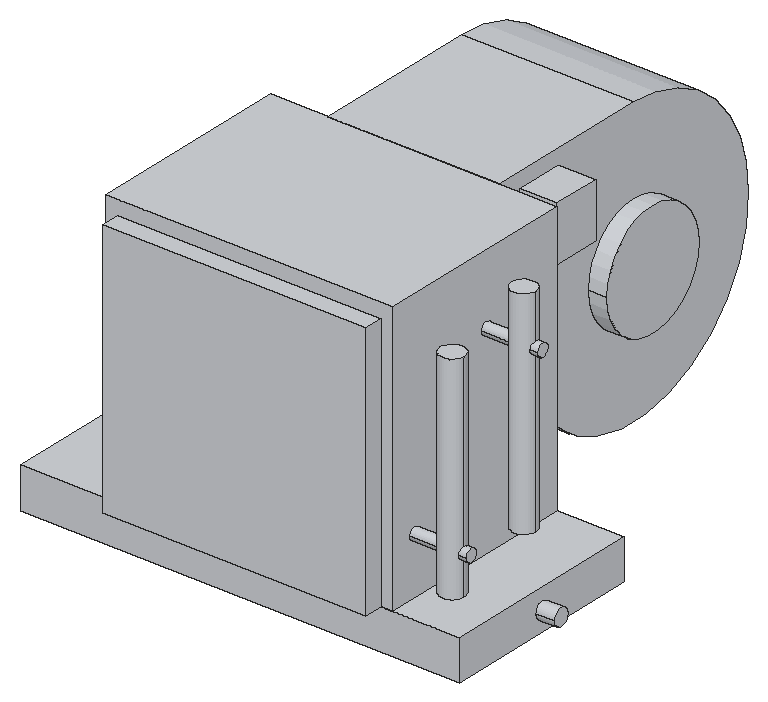
Revit family "M_Unidade de serpentina do ventilador - Duto horizontal - DX", category Equipamento mecânico, Revit 2019
Family settings
  Cota do conector redondo = Utilizar diâmetro
  Tipo de parte = Normal
  Número OmniClass = 23.75.70.17.27
  Título OmniClass = Fan Coil Units
  ID de item do Seek = Fan Coil Unit - Horizontal Ducted - CHW-0000-CAN-ENU
  Com base no plano de trabalho = Não
  Sempre na vertical = Sim
  Corte com vazios quando carregada = Não
  Compartilhado = Não
  Ponto de cálculo do ambiente = Não
Parameters (values of type "282 LPS")
  Queda de pressão da água [instance] = 9652.66 Pa
  Voltagem = 120 V
  Comprimento da unidade = 584.2 mm
  Capacidade de resfriamento total = 5773.5 W
  Largura do ar de fornecimento = 350 mm
  Capacidade de resfriamento perceptível = 4220.22 W
  Número de pólos = 1
  Fluxo de ar nominal [instance] = 283.17 L/s
  Classificação de carga = Refrigeração
  Comprimento 2 = 31.8 mm
  Comprimento 1 = 165.1 mm
  Ventilador 2 = no
  Ventilador 1 = yes
  Pressão estática externa [instance] = 74.65 Pa
  Fluxo da drenagem [instance] = 0.0 L/s
  Comprimento da serpentina = 381 mm
  Fluxo da água resfriada [instance] = 0.25 L/s
  Material CFU = none
  C2 Deslocamento 1 = 92.1 mm
  Assembly Code = ""
  Carga aparente = 280 VA
Types (8, lengths in mm): name | Queda de pressão da água | Comprimento da unidade | Capacidade de resfriamento total | Largura do ar de fornecimento | Capacidade de resfriamento perceptível | Fluxo de ar nominal | Comprimento 2 | Comprimento 1 | Ventilador 2 | Ventilador 1 | Comprimento da serpentina | Fluxo da água resfriada | C2 Deslocamento 1 | Carga aparente
  282 LPS | 9652.66 Pa | 584.2 | 5773.5 W | 350 | 4220.22 W | 283.17 L/s | 31.8 | 165.1 | no | yes | 381 | 0.25 L/s | 92.1 | 280 VA
  376 LPS | 21373.7 Pa | 711.2 | 8616.29 W | 475 | 6037.26 W | 377.56 L/s | 31.8 | 165.1 | no | yes | 508 | 0.38 L/s | 92.1 | 330 VA
  470 LPS | 44815.9 Pa | 812.8 | 11283.2 W | 600 | 7737.08 W | 471.95 L/s | 31.8 | 165.1 | no | yes | 609.6 | 0.5 L/s | 92.1 | 470 VA
  564 LPS | 89631.8 Pa | 939.8 | 13950.2 W | 700 | 9466.2 W | 566.34 L/s | 0 | 50.8 | yes | no | 736.6 | 0.63 L/s | 92.1 | 550 VA
  658 LPS | 144789.9 Pa | 1066.8 | 15474.1 W | 850 | 10697.1 W | 660.73 L/s | 0 | 50.8 | yes | no | 863.6 | 0.69 L/s | 77.8 | 650 VA
  752 LPS | 172368.9 Pa | 1193.8 | 18961.7 W | 950 | 12777.9 W | 755.12 L/s | 0 | 50.8 | yes | no | 990.6 | 0.95 L/s | 77.8 | 900 VA
  846 LPS | 172368.9 Pa | 1320.8 | 22185.5 W | 1100 | 14770.8 W | 849.51 L/s | 0 | 50.8 | yes | no | 1117.6 | 1.2 L/s | 77.8 | 1180 VA
  940 LPS | 172368.9 Pa | 1422.4 | 24149.1 W | 1200 | 16177.5 W | 943.89 L/s | 0 | 50.8 | yes | no | 1219.2 | 1.2 L/s | 77.8 | 1180 VA
Reference planes
  plane 1 "Centro (Frente/Trás)": y = 0
  plane 2: z = 0
  plane 3 "Centro (Esquerda/Direita)": x = 0
  plane 4: y = 685.8
  plane 5: x = 584.2
  plane 6: x = 114.3
  plane 7: x = 495.3
  plane 8: x = 304.8
  plane 9: x = 129.8
  plane 10: x = 479.8
  plane 11: y = -25.4
  plane 12: y = 34.925
  plane 13: y = 238.125
  plane 14: y = 273.05
  plane 15: z = 415.925
  plane 16: z = 396.875
  plane 17: x = 546.1
  plane 18: y = 153.987
  plane 19: y = 71.437
  plane 20: z = 150.812
  plane 21: z = 390.525
  plane 22: z = 365.125
  plane 23: z = 79.375
  plane 24: z = 104.775
  plane 25: x = 571.5
  plane 26: z = 323.825
  plane 27: z = 131.762
  plane 28: y = 304.8
  plane 29: y = 495.3
  plane 30: z = 60.325
  plane 31: z = 34.925
  plane 32: z = 225.425
  plane 33: x = 190.5
  plane 34: x = 419.1
  plane 35: x = 304.8
  plane 36: x = 400.05
  plane 37: x = 209.55
  plane 38: x = 95.25
  plane 39: x = 323.85
  plane 40: x = 285.75
  plane 41: x = 514.35
  plane 42: x = 349.25
  plane 43: x = 444.5
  plane 44: x = 539.75
  plane 45: y = 136.525
  plane 46: x = 609.6
  plane 47: z = 26.987
  plane 48: z = 53.975
  plane 49: x = 533.4
  plane 50: x = 469.9
  plane 51: y = 368.3
  plane 52: y = 304.85
Forms (mm)
  Extrusion 1, solid, material <- "Material CFU"
    sketch origin (0, 0, 0) x (1, 0, 0) y (0, 1, 0)
      loop
        line (0, 273.05) -> (0, 0) -> (584.2, 0) -> (584.2, 273.05) -> (0, 273.05)
    from 0 to 53.975
  Extrusion 2, solid, material <- "Material CFU"
    sketch origin (0, 0, 0) x (1, 0, 0) y (0, 1, 0)
      loop
        line (114.3, 273.05) -> (114.3, 0) -> (495.3, 0) -> (495.3, 273.05) -> (114.3, 273.05)
    from 53.975 to 415.925
  Extrusion 3, solid, material <- "Material CFU"
    sketch origin (0, 0, 0) x (1, 0, 0) y (0, 1, 0)
      loop
        line (129.8, 0) -> (129.8, -25.4) -> (479.8, -25.4) -> (479.8, 0) -> (129.8, 0)
    from 53.975 to 396.875
  Extrusion 4, solid, material <- "Material CFU"
    sketch origin (0, 0, 0) x (1, 0, 0) y (0, 1, 0)
      loop
        circle (546.1, 153.987) r 15.875
    from 104.775 to 390.525
  Extrusion 5, solid, material <- "Material CFU"
    sketch origin (0, 0, 0) x (1, 0, 0) y (0, 1, 0)
      loop
        circle (546.1, 34.925) r 15.875
    from 79.375 to 365.125
  Extrusion 6, solid, material <- "Material CFU"
    sketch origin (0, 0, 0) x (0, 1, 0) y (0, 0, 1)
      loop
        circle (153.987, 323.825) r 7.938
    from 495.3 to 571.5
  Extrusion 7, solid, material <- "Material CFU"
    sketch origin (0, 0, 0) x (0, 1, 0) y (0, 0, 1)
      loop
        circle (34.925, 131.763) r 7.938
    from 495.3 to 571.5
  Extrusion 8, solid, material <- "Material CFU", visible <- "Ventilador 2"
    sketch origin (0, 0, 0) x (0, 1, 0) y (0, 0, 1)
      loop
        circle (495.3, 225.425) r 190.5
    from 285.75 to 514.35
  Extrusion 9, solid, material <- "Material CFU", visible <- "Ventilador 2"
    sketch origin (0, 0, 0) x (1, 0, 0) y (0, 1, 0)
      loop
        line (285.75, 495.3) -> (285.75, 273.05) -> (514.35, 273.05) -> (514.35, 495.3) -> (285.75, 495.3)
    from 225.425 to 415.925
  Extrusion 10, solid, material <- "Material CFU", visible <- "Ventilador 2"
    sketch origin (0, 0, 0) x (0, 1, 0) y (0, 0, 1)
      loop
        circle (495.3, 225.425) r 190.5
    from 95.25 to 323.85
  Extrusion 11, solid, material <- "Material CFU", visible <- "Ventilador 2"
    sketch origin (0, 0, 0) x (0, 1, 0) y (0, 0, 1)
      loop
        line (273.05, 415.925) -> (273.05, 225.425) -> (495.3, 225.425) -> (495.3, 415.925) -> (273.05, 415.925)
    from 95.25 to 323.85
  Extrusion 12, solid, material <- "Material CFU", visible <- "Ventilador 1"
    sketch origin (0, 0, 0) x (0, 1, 0) y (0, 0, 1)
      loop
        circle (495.3, 225.425) r 190.5
    from 190.5 to 419.1
  Extrusion 13, solid, material <- "Material CFU", visible <- "Ventilador 1"
    sketch origin (0, 0, 0) x (0, 1, 0) y (0, 0, 1)
      loop
        line (273.05, 415.925) -> (273.05, 225.425) -> (495.3, 225.425) -> (495.3, 415.925) -> (273.05, 415.925)
    from 190.5 to 419.1
  Extrusion 14, solid, material <- "Material CFU", visible <- "Ventilador 1"
    sketch origin (0, 0, 0) x (0, 1, 0) y (0, 0, 1)
      loop
        circle (495.3, 225.425) r 76.2
    from 419.1 to 444.5
  Extrusion 15, solid, material <- "Material CFU", visible <- "Ventilador 2"
    sketch origin (0, 0, 0) x (0, 1, 0) y (0, 0, 1)
      loop
        circle (495.3, 225.425) r 76.2
    from 323.85 to 349.25
  Extrusion 16, solid, material <- "Material CFU", visible <- "Ventilador 2"
    sketch origin (0, 0, 0) x (0, 1, 0) y (0, 0, 1)
      loop
        circle (495.3, 225.425) r 76.2
    from 514.35 to 539.75
  Extrusion 17, solid, material <- "Material CFU"
    sketch origin (0, 0, 0) x (0, 1, 0) y (0, 0, 1)
      loop
        circle (136.525, 26.987) r 11.113
    from 584.2 to 609.6
  Extrusion 18, solid, material <- "Material CFU"
    sketch origin (0, 0, 0) x (1, 0, 0) y (0, 1, 0)
      loop
        line (304.8, 368.3) -> (304.8, 304.85) -> (469.9, 304.85) -> (469.9, 368.3) -> (304.8, 368.3)
    from 323.825 to 396.875
Cuts and joins
  joined: Extrusion 8, Extrusion 9, Extrusion 16
  joined: Extrusion 10, Extrusion 11, Extrusion 15
  joined: Extrusion 12, Extrusion 13, Extrusion 14
  joined: Extrusion 1, Extrusion 4, Extrusion 5, Extrusion 6, Extrusion 7, Extrusion 17
Dimensions and locks
  "Comprimento da unidade": plane 3 "Centro (Esquerda/Direita)" to plane 5
  locked: plane 4 to plane 1 "Centro (Frente/Trás)" at 685.8
  locked: plane 3 "Centro (Esquerda/Direita)" to plane 6 at 114.3
  "Comprimento da serpentina": plane 6 to plane 7
  equal spacing: plane 6, plane 8, plane 7
  equal spacing: plane 9, plane 8, plane 10
  "Largura do ar de fornecimento": plane 9 to plane 10
  locked: plane 1 "Centro (Frente/Trás)" to plane 11 at 25.4
  locked: plane 12 to plane 1 "Centro (Frente/Trás)" at 34.925
  locked: plane 13 to plane 12 at 203.2
  locked: plane 14 to plane 13 at 34.925
  locked: plane 15 to plane 2 at 415.925
  Extrusion 1 sketch curve to Extrusion 1 sketch curve = 273.05 mm
  locked: plane 7 to plane 17 at 50.8
  locked: plane 18 to plane 1 "Centro (Frente/Trás)" at 153.987
  locked: plane 19 to plane 1 "Centro (Frente/Trás)" at 71.437
  locked: plane 15 to plane 20 at 265.112
  locked: plane 15 to plane 21 at 25.4
  locked: plane 21 to plane 22 at 25.4
  locked: plane 24 to plane 23 at 25.4
  locked: plane 17 to plane 25 at 25.4
  "C2 Deslocamento 1": plane 15 to plane 26
  locked: plane 16 to plane 27 at 265.113
  locked: plane 28 to plane 14 at 31.75
  equal spacing: plane 4, plane 29, plane 28
  equal spacing: plane 15, plane 32, plane 31
  equal spacing: plane 33, plane 8, plane 34
  locked: plane 33 to plane 8 at 114.3
  equal spacing: plane 6, plane 37, plane 35, plane 36, plane 7
  equal spacing: plane 38, plane 37, plane 39
  equal spacing: plane 40, plane 36, plane 41
  locked: plane 38 to plane 37 at 114.3
  locked: plane 40 to plane 36 at 114.3
  locked: plane 39 to plane 42 at 25.4
  locked: plane 34 to plane 43 at 25.4
  locked: plane 41 to plane 44 at 25.4
  equal spacing: plane 13, plane 45, plane 12
  locked: plane 5 to plane 46 at 25.4
  equal spacing: plane 2, plane 47, plane 48
  "Comprimento 1": plane 8 to plane 50
  locked: plane 51 to plane 28 at 63.5
  "Comprimento 2": plane 52 to plane 14
  radius of Extrusion 4 sketch curve = 15.875 mm
  radius of Extrusion 5 sketch curve = 15.875 mm
  radius of Extrusion 8 sketch curve = 190.5 mm
  radius of Extrusion 10 sketch curve = 190.5 mm
  radius of Extrusion 12 sketch curve = 190.5 mm
  radius of Extrusion 14 sketch curve = 76.2 mm
  radius of Extrusion 15 sketch curve = 76.2 mm
  aligned and locked: Extrusion 1 to plane 2
  aligned and locked: Extrusion 2 sketch curve to plane 7
  aligned and locked: plane 6 to Extrusion 2 sketch curve
  aligned and locked: Extrusion 2 sketch curve to plane 14
  aligned and locked: plane 15 to Extrusion 2
  aligned and locked: Extrusion 1 sketch curve to plane 1 "Centro (Frente/Trás)"
  aligned and locked: Extrusion 1 sketch curve to plane 5
  aligned and locked: plane 3 "Centro (Esquerda/Direita)" to Extrusion 1 sketch curve
  aligned and locked: Extrusion 2 sketch curve to plane 1 "Centro (Frente/Trás)"
  aligned and locked: plane 9 to Extrusion 3 sketch curve
  aligned and locked: plane 10 to Extrusion 3 sketch curve
  aligned and locked: plane 1 "Centro (Frente/Trás)" to Extrusion 3 sketch curve
  aligned and locked: plane 16 to Extrusion 3
  aligned and locked: plane 18 to Extrusion 4 sketch curve
  aligned and locked: plane 17 to Extrusion 4 sketch curve
  aligned and locked: plane 17 to Extrusion 5 sketch curve
  aligned and locked: Extrusion 4 to plane 21
  aligned and locked: Extrusion 5 to plane 22
  aligned and locked: plane 24 to Extrusion 4
  aligned and locked: plane 23 to Extrusion 5
  aligned and locked: plane 26 to Extrusion 6 sketch curve
  aligned and locked: plane 18 to Extrusion 6 sketch curve
  aligned and locked: plane 27 to Extrusion 7 sketch curve
  aligned and locked: plane 12 to Extrusion 7 sketch curve
  aligned and locked: plane 25 to Extrusion 6
  aligned and locked: Extrusion 6 to plane 7
  aligned and locked: plane 25 to Extrusion 7
  aligned and locked: Extrusion 7 to plane 7
  aligned and locked: plane 32 to Extrusion 8 sketch curve
  aligned and locked: plane 29 to Extrusion 8 sketch curve
  aligned and locked: Extrusion 8 to plane 41
  aligned and locked: Extrusion 8 to plane 40
  aligned and locked: plane 40 to Extrusion 9 sketch curve
  aligned and locked: plane 41 to Extrusion 9 sketch curve
  aligned and locked: Extrusion 9 sketch curve to plane 29
  aligned and locked: plane 14 to Extrusion 9 sketch curve
  aligned and locked: plane 15 to Extrusion 9
  aligned and locked: Extrusion 9 to plane 32
  aligned and locked: plane 32 to Extrusion 10 sketch curve
  aligned and locked: Extrusion 10 to plane 39
  aligned and locked: Extrusion 10 to plane 38
  aligned and locked: Extrusion 11 sketch curve to plane 15
  aligned and locked: plane 14 to Extrusion 11 sketch curve
  aligned and locked: plane 32 to Extrusion 11 sketch curve
  aligned and locked: Extrusion 11 sketch curve to plane 29
  aligned and locked: Extrusion 11 to plane 39
  aligned and locked: Extrusion 11 to plane 38
  aligned and locked: plane 32 to Extrusion 12 sketch curve
  aligned and locked: plane 29 to Extrusion 12 sketch curve
  aligned and locked: Extrusion 12 to plane 34
  aligned and locked: Extrusion 12 to plane 33
  aligned and locked: Extrusion 13 sketch curve to plane 15
  aligned and locked: Extrusion 13 sketch curve to plane 29
  aligned and locked: plane 32 to Extrusion 13 sketch curve
  aligned and locked: plane 14 to Extrusion 13 sketch curve
  aligned and locked: Extrusion 13 to plane 33
  aligned and locked: Extrusion 13 to plane 34
  aligned and locked: plane 32 to Extrusion 14 sketch curve
  aligned and locked: plane 29 to Extrusion 14 sketch curve
  aligned and locked: plane 43 to Extrusion 14
  aligned and locked: plane 34 to Extrusion 14
  aligned and locked: plane 32 to Extrusion 15 sketch curve
  aligned and locked: plane 29 to Extrusion 15 sketch curve
  aligned and locked: plane 42 to Extrusion 15
  aligned and locked: plane 39 to Extrusion 15
  aligned and locked: plane 29 to Extrusion 16 sketch curve
  aligned and locked: plane 32 to Extrusion 16 sketch curve
  aligned and locked: plane 44 to Extrusion 16
  aligned and locked: plane 41 to Extrusion 16
  aligned and locked: plane 45 to Extrusion 17 sketch curve
  aligned and locked: plane 47 to Extrusion 17 sketch curve
  aligned and locked: plane 46 to Extrusion 17
  aligned and locked: Extrusion 17 to plane 5
  aligned and locked: plane 8 to Extrusion 18 sketch curve
  aligned and locked: Extrusion 18 sketch curve to plane 50
  aligned and locked: Extrusion 18 sketch curve to plane 51
  aligned and locked: Extrusion 18 to plane 52
  aligned and locked: Extrusion 18 to plane 26
  aligned and locked: plane 16 to Extrusion 18
Automatic sketch dimensions
  plane 11 to Extrusion 3 sketch curve = 0 mm
  Extrusion 5 sketch curve to plane 12 = 0 mm
  Extrusion 10 sketch curve to plane 29 = 0 mm
  plane 28 to Extrusion 18 sketch curve = 0.05 mm
  radius of Extrusion 6 sketch curve = 7.938 mm
  radius of Extrusion 7 sketch curve = 7.938 mm
  radius of Extrusion 16 sketch curve = 76.2 mm
  radius of Extrusion 17 sketch curve = 11.113 mm
Connectors
  piping at (571.5, 34.925, 131.762), diameter 15.875, driven by "Fluxo da água resfriada"
    settings: on cut or joined group of Extrusion 1, Extrusion 4, Extrusion 5, Extrusion 6, Extrusion 7, Extrusion 17, index 1, connector inside diameter 15.875 mm, connector length 0 mm, flow factor 0, pipe flow 0.25 L/s, pressure drop 0.0 Pa, fitting loss kfactor 0, connector angle 0.00°, fixture units 0, engagement length 0 mm, angle of deflection 0.00°, flow configuration 1, flow direction 1, fitting loss method 4, system type 7, joint type 0, gender type 0, connector reference index 2, connector utility 0, adjustable connector no, is connector primary yes, connector description "Água resfriada,Entrada"
  piping at (571.5, 153.987, 323.825), diameter 15.875, driven by "Fluxo da água resfriada", driven by "Queda de pressão da água"
    settings: on cut or joined group of Extrusion 1, Extrusion 4, Extrusion 5, Extrusion 6, Extrusion 7, Extrusion 17, index 2, connector inside diameter 15.875 mm, connector length 0 mm, flow factor 0, pipe flow 0.25 L/s, pressure drop 9652.66 Pa, fitting loss kfactor 0, connector angle 0.00°, fixture units 0, engagement length 0 mm, angle of deflection 0.00°, flow configuration 1, flow direction 2, fitting loss method 4, system type 8, joint type 0, gender type 0, connector reference index 1, connector utility 0, adjustable connector no, is connector primary no, connector description "Água resfriada,Saída"
  piping at (609.6, 136.525, 26.987), diameter 22.225, driven by "Fluxo da drenagem"
    settings: on cut or joined group of Extrusion 1, Extrusion 4, Extrusion 5, Extrusion 6, Extrusion 7, Extrusion 17, index 3, connector inside diameter 22.225 mm, connector length 0 mm, flow factor 0, pipe flow 0.0 L/s, pressure drop 0.0 Pa, fitting loss kfactor 0, connector angle 0.00°, fixture units 0, engagement length 0 mm, angle of deflection 0.00°, flow configuration 1, flow direction 2, fitting loss method 0, system type 16, joint type 0, gender type 0, connector reference index -1, connector utility 0, adjustable connector yes, is connector primary no, connector description "Drenagem,Saída"
  hvac at (304.8, -25.4, 225.425), driven by "Fluxo de ar nominal", driven by "Largura do ar de fornecimento", driven by "Pressão estática externa"
    settings: on Extrusion 3, index 4, duct flow 283.17 L/s, flow factor 0, pres drop 74.65 Pa, loss coef 0, conn angle 0.00°, conn width 350 mm, conn height 342.9 mm, conn diameter 609.6 mm, duct sys type 1, conn prof type 1, flow config 0, flow direction 2, loss method 4, conn ref index -1, conn util no, is conn primary yes, conn desc ""
  electrical at (469.9, 336.575, 360.35), driven by "Carga aparente", driven by "Voltagem", driven by "Número de pólos", driven by "Classificação de carga"
    settings: on Extrusion 18, index 5, voltage 120 V, apparent load 280 VA, apparent load phase1 0 VA, apparent load phase2 0 VA, apparent load phase3 0 VA, power factor 0.8, load classification "Refrigeração", number of poles 1, system type 30, power factor state 1, is connector primary yes, connector utility no, sub classification motor no, connector description ""
